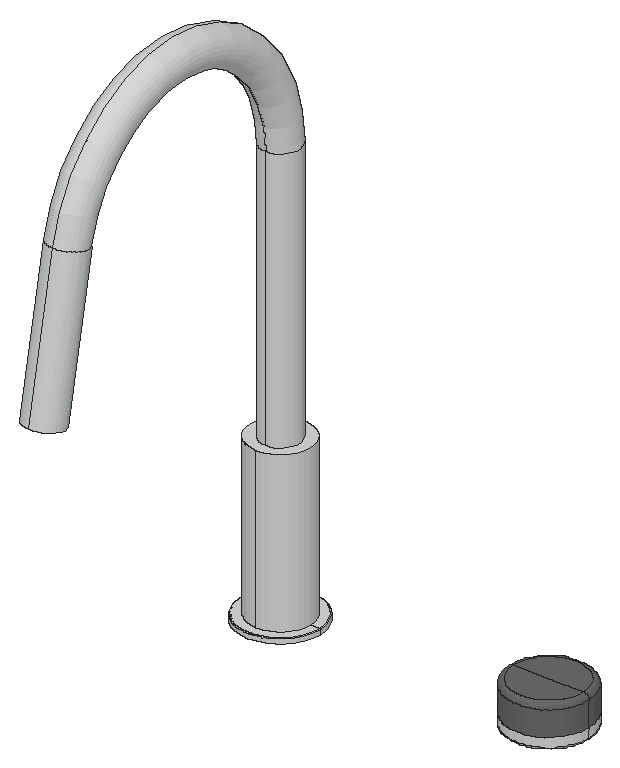
Revit family "MixerSet_Kitchen_Nero_Serenity_Progressive_PullOut", category Plumbing Fixtures, Revit 2024
Family settings
  Round Connector Dimension = Use Diameter
  Part Type = Normal
  OmniClass Number = 23.31.00.00
  Work Plane-Based = No
  Enable Cutting in Views = No
  Always vertical = Yes
  Cut with Voids When Loaded = Yes
  Maintain Annotation Orientation = No
  Shared = No
  Room Calculation Point = No
Parameters (values of type "Please Load From Type Catalog")
  Uniclass2015Version = "Please Load From Type Catalog"
  Uniclass2015Title = "Please Load From Type Catalog"
  Uniclass2015Code = "Please Load From Type Catalog"
  URL = "https://nerotapware.com.au/"
  Type Comments = "Please Load From Type Catalog"
  ModifiedIssue = 20250131
  Model = "Please Load From Type Catalog"
  HandleMaterial = Stone_Marble_Nero_ArabescatoCorchia
  HW Connection = yes
  CW Connection = yes
  BodyMaterial = Metal_Chrome_Nero
  ManufacturerURLProductSpecific = "https://pleaseloadfromtypecatalog.com"
  ManufacturerSpecCode = Model  # "Please Load From Type Catalog"
  ManufacturerOverallWidth = 260 mm  # constant formula
  ManufacturerOverallHeight = 432.5 mm  # constant formula
  ManufacturerOverallDepth = 264 mm  # constant formula
  ManufacturerHeightFromFFL [instance] = 900 mm
  Manufacturer = "Nero"
  IfcExportType = "Please Load From Type Catalog"
  IfcExportAs = "Please Load From Type Catalog"
  Description = "Please Load From Type Catalog"
  Default Elevation = 0 mm
  CreatedByURL = "https://igsgroup.com.au"
  CreatedBy = "IGS BIM Solutions"  # constant formula
  Assembly Code = "D2010\r\n"
Reference planes
  plane 1 "TapCenter (Front/Back)": y = 90
  plane 2 "Ref. Level": z = 0
  plane 3 "SpoutCenter": x = -35
  plane 4 "Bottom": z = 900
  plane 5 "Left": x = -65
  plane 6 "KnobCenter": x = 165
  plane 7 "Right": x = 195
  plane 8 "Back": y = 120
  plane 9 "Center (Left/Right)": x = 65
  plane 10 "Top": z = 1332.5
  plane 11 "Front": y = -144
Forms (mm)
  Revolve 1, solid, material "Stone_Marble_Nero_ArabescatoCorchia" <- "HandleMaterial"
    sketch origin (70, 90, 0) x (1, 0, 0) y (0, 0, 1)
      loop
        line (95, 930.5) -> (69, 930.5)
        arc (69, 930.5) -> (66.172, 929.328) -> (65, 926.5) r 4
        line (65, 926.5) -> (65, 908) -> (95, 908) -> (95, 930.5)
      axis (95, 908) -> (95, 930.5)
    angle from 0 to 360
  Revolve 2, solid, material "Metal_Chrome_Nero" <- "BodyMaterial"
    sketch origin (0, 90, 0) x (1, 0, 0) y (0, 0, 1)
      loop
        line (-35, 904) -> (-64.382, 904) -> (-65, 903.382) -> (-65, 900) -> (-35, 900) -> (-35, 904)
      axis (-35, 904) -> (-35, 900)
    angle from 0 to 360
  Extrusion 3, void
    sketch origin (70, 0, 900) x (0, -1, 0) y (1, 0, 0)
      loop
        circle (-90, 95) r 15
    from 0 to -30
  Extrusion 4, solid, material "Metal_Chrome_Nero" <- "BodyMaterial"
    sketch origin (70, 0, 900) x (0, -1, 0) y (1, 0, 0)
      loop
        circle (-90, 102.35) r 6.35
      loop
        circle (-90, 87.65) r 6.35
    from 0 to -1
  Sweep 5, solid, material "Metal_Chrome_Nero" <- "BodyMaterial"
    path origin (-35, 3040.033, -161.219) x (0, 0, -1) y (0, 1, 0)
      loop
        line (-1183.173, -2936.033) -> (-1379.279, -2936.033)
        arc (-1379.279, -2936.033) -> (-1492.693, -3038.865) -> (-1401.426, -3161.777) r 113.958
        line (-1401.426, -3161.777) -> (-1290.44, -3183.766)
    profile origin (-35, 104, 1120.007) x (0, -1, 0) y (1, 0, 0)
      loop
        circle (14, 0) r 14
  Sweep 6, solid, material "Metal_Chrome_Nero" <- "BodyMaterial"
    path origin (-35, 3040.033, -226.219) x (0, 0, -1) y (0, 1, 0)
      loop
        line (-1130.219, -2950.033) -> (-1248.173, -2950.033)
    profile origin (-35, 90, 962.977) x (0, -1, 0) y (1, 0, 0)
      loop
        circle (0, 0) r 22.5
  Revolve 7, solid, material "Metal_Chrome_Nero" <- "BodyMaterial"
    sketch origin (70, 90, 0) x (1, 0, 0) y (0, 0, 1)
      loop
        line (65.5, 900.5) -> (71.633, 900.5) -> (72.25, 900) -> (95, 900) -> (95, 908) -> (65, 908) -> (65, 901)
        arc (65, 901) -> (65.146, 900.646) -> (65.5, 900.5) r 0.5
      axis (95, 900) -> (95, 908)
    angle from 0 to 360
Lines and regions (mm)
  Masking region 1
    outline origin (0, 0, 1332.5) x (0, -1, 0) y (1, 0, 0)
      loop
        arc (-63.467, -21) -> (-120, -35) -> (-63.467, -49) r 30
        line (-63.467, -49) -> (130, -49)
        arc (130, -49) -> (144, -35) -> (130, -21) r 14
        line (130, -21) -> (-63.467, -21)
      loop
        circle (-90, 165) r 30
  symbolic lines, style "Taps/Mixers", detail levels medium+fine
    curve 1: arc (-49, 64.147, 1332.5) -> (-35, 119.4, 1332.5) -> (-21, 64.147, 1332.5) r 29.4
    curve 2: arc (-49, 90, 1332.5) -> (-35, 104, 1332.5) -> (-21, 90, 1332.5) r 14
    curve 3: line (-49, 90, 1332.5) -> (-49, 64.147, 1332.5)
    curve 4: line (-21, 90, 1332.5) -> (-21, 64.147, 1332.5)
Text (mm)
  text "Disclaimer:\nDue to ongoing product development and manufacturing \nevolution, product details are subject to change without \nnotice. Please refer to product technical data sheets on \nthe manufacturers website for the most current product \ninformation. Please allow a +/- 5mm manufacturing \ntolerance for dimensions and set-outs shown in product \nliterature." at (479.049, 199.695, 0), in view "Ref. Level"
Dimensions and locks
  "ManufacturerHeightFromFFL": plane 4 "Bottom" to plane 2 "Ref. Level"
  equal spacing: plane 5 "Left", plane 9 "Center (Left/Right)", plane 7 "Right"
  locked: plane 5 "Left" to plane 3 "SpoutCenter" at 30
  locked: plane 6 "KnobCenter" to plane 7 "Right" at 30
  locked: plane 1 "TapCenter (Front/Back)" to plane 8 "Back" at 30
  "ManufacturerOverallWidth": plane 5 "Left" to plane 7 "Right"
  "ManufacturerOverallDepth": plane 11 "Front" to plane 8 "Back"
  "ManufacturerOverallHeight": plane 10 "Top" to plane 4 "Bottom"
  aligned and locked: level to plane 2 "Ref. Level"
  aligned and locked: Revolve 2 sketch curve to plane 3 "SpoutCenter"
  aligned and locked: plane 1 "TapCenter (Front/Back)" to Sweep 5 sketch curve
  aligned and locked: plane 3 "SpoutCenter" to Sweep 5 sketch curve
Automatic sketch dimensions
  Revolve 1 sketch curve to Revolve 1 sketch curve = 26 mm
  Revolve 1 sketch curve to Revolve 1 sketch curve = 18.5 mm
  Revolve 1 sketch curve to Revolve 1 sketch curve = 0.5 mm
  Revolve 1 sketch curve to Revolve 1 sketch curve = 2.116 mm
  Revolve 2 sketch curve to plane 3 "SpoutCenter" = 0 mm
  Revolve 2 sketch curve to plane 3 "SpoutCenter" = 29.382 mm
  Revolve 2 sketch curve to Revolve 2 sketch curve = 0.618 mm  (x2)
  Revolve 2 sketch curve to Revolve 2 sketch curve = 3.382 mm
  Revolve 2 sketch curve to Revolve 2 sketch curve = 1 mm
  Revolve 2 sketch curve to Revolve 2 sketch curve = 0 mm
  plane 1 "TapCenter (Front/Back)" to Extrusion 3 sketch curve = 0 mm
  plane 1 "TapCenter (Front/Back)" to Extrusion 4 sketch curve = 0 mm  (x2)
  Revolve 1 sketch curve to Revolve 1 sketch curve = 4 mm
  Extrusion 4 sketch curve to Extrusion 4 sketch curve = 14.7 mm
  plane 3 "SpoutCenter" to Revolve 1 sketch curve = 170 mm
  plane 3 "SpoutCenter" to Extrusion 3 sketch curve = 200 mm
  plane 3 "SpoutCenter" to Extrusion 4 sketch curve = 192.65 mm
  Sweep 5 sketch curve to Sweep 5 sketch curve = 22.148 mm
  plane 1 "TapCenter (Front/Back)" to Sweep 5 sketch curve = 211.744 mm
  Sweep 5 sketch curve to Sweep 5 sketch curve = 111.785 mm
  Sweep 5 sketch curve to Sweep 5 sketch curve = 110.986 mm
  Sweep 5 sketch curve to Sweep 5 sketch curve = 21.989 mm
  Sweep 6 sketch curve to plane 1 "TapCenter (Front/Back)" = 0 mm
  Sweep 6 sketch curve to profile plane = 0 mm  (x2)
  Revolve 2 sketch curve to plane 4 "Bottom" = 0 mm
  Sweep 5 sketch curve to plane 4 "Bottom" = 340.207 mm
  Sweep 5 sketch curve to Sweep 5 sketch curve = 196.106 mm
  Sweep 6 sketch curve to plane 4 "Bottom" = 121.954 mm
  Sweep 6 sketch curve to Sweep 6 sketch curve = 117.954 mm
  Revolve 7 sketch curve to plane 4 "Bottom" = 0 mm
  Revolve 7 sketch curve to plane 6 "KnobCenter" = 0 mm  (x2)
  Revolve 7 sketch curve to plane 6 "KnobCenter" = 22.75 mm
  Revolve 7 sketch curve to plane 4 "Bottom" = 0.5 mm
  Revolve 7 sketch curve to Revolve 7 sketch curve = 0.617 mm
  Revolve 7 sketch curve to Revolve 7 sketch curve = 6.133 mm
  Revolve 7 sketch curve to Revolve 7 sketch curve = 1.616 mm
  Revolve 7 sketch curve to Revolve 7 sketch curve = 0.5 mm
  Revolve 7 sketch curve to Revolve 7 sketch curve = 7 mm
  Revolve 7 sketch curve to Revolve 7 sketch curve = 23 mm
  Revolve 1 sketch curve to plane 6 "KnobCenter" = 0 mm
  Revolve 1 sketch curve to plane 4 "Bottom" = 8 mm
  plane 1 "TapCenter (Front/Back)" to Masking region 1 sketch curve = 0 mm  (x2)
  Masking region 1 sketch curve to plane 3 "SpoutCenter" = 0 mm  (x2)
  Masking region 1 sketch curve to plane 6 "KnobCenter" = 0 mm
  plane 1 "TapCenter (Front/Back)" to Masking region 1 sketch curve = 26.533 mm
  Masking region 1 sketch curve to plane 11 "Front" = 14 mm
  Masking region 1 sketch curve to plane 3 "SpoutCenter" = 14 mm
  curve 1 to curve 2 = 0 mm  (x2)
  plane 1 "TapCenter (Front/Back)" to curve 1 = 0 mm
  curve 2 to plane 3 "SpoutCenter" = 0 mm
  curve 3 to plane 3 "SpoutCenter" = 14 mm
  curve 2 to curve 1 = 25.853 mm
  radius of Extrusion 3 sketch curve = 15 mm
  radius of Extrusion 4 sketch curve = 6.35 mm  (x2)
  radius of Sweep 5 sketch curve = 14 mm
  radius of Sweep 6 sketch curve = 22.5 mm
  radius of Masking region 1 sketch curve = 30 mm
Connectors
  piping at (157.65, 90, 899), diameter 12.7, driven by "HW Connection"
    settings: on Extrusion 4, index 7, connector inside diameter 609.6 mm, connector length 0 mm, flow factor 0, pipe flow 0.0 L/s, pressure drop 0.0 Pa, fitting loss kfactor 0, connector angle 0.00°, fixture units 0, engagement length 0 mm, angle of deflection 0.00°, flow configuration 2, flow direction 1, fitting loss method 0, system type 19, joint type 0, gender type 0, connector reference index -1, connector utility 1, adjustable connector no, is connector primary yes, connector description "Hot Water Supply"
  piping at (172.35, 90, 899), diameter 12.7, driven by "CW Connection"
    settings: on Extrusion 4, index 8, connector inside diameter 609.6 mm, connector length 0 mm, flow factor 0, pipe flow 0.0 L/s, pressure drop 0.0 Pa, fitting loss kfactor 0, connector angle 0.00°, fixture units 0, engagement length 0 mm, angle of deflection 0.00°, flow configuration 2, flow direction 1, fitting loss method 0, system type 20, joint type 0, gender type 0, connector reference index -1, connector utility 1, adjustable connector no, is connector primary no, connector description "Cold Water Supply"
